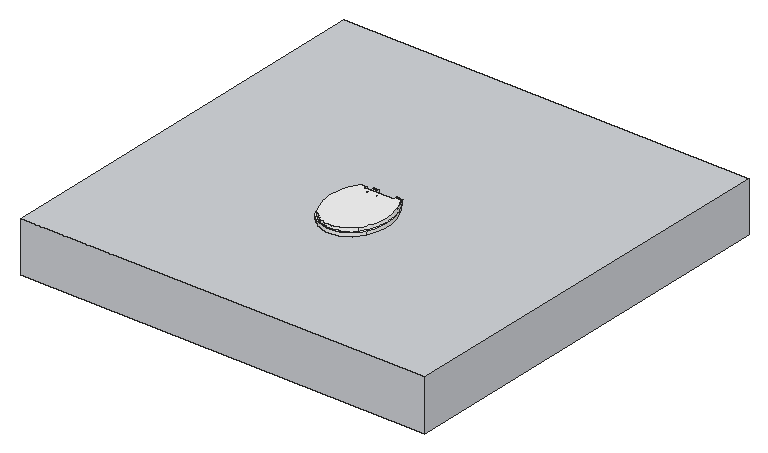
Revit family (continued)
Automatic sketch dimensions
  plane 61 to Blend 2 sketch curve = 0' - 0.01203"
  Blend 2 sketch curve to Blend 2 sketch curve = 0' - 0.01512"
  Blend 2 sketch curve to Blend 2 sketch curve = 0' - 2.58372"
  Blend 2 sketch curve to plane 12 = 0' - 1.81409"
  Blend 2 sketch curve to plane 46 = 0' - 1.46368"
  plane 52 to Blend 2 sketch curve = 0' - 0.22128"
  Blend 2 sketch curve to plane 52 = 0' - 0.05063"  (x2)
  Blend 2 sketch curve to Blend 2 sketch curve = 0' - 0.33375"
  Blend 2 sketch curve to plane 46 = 0' - 0.84085"
  Blend 2 sketch curve to plane 46 = 0' - 0.41475"
  Blend 2 sketch curve to plane 46 = 0' - 0.03817"
  Blend 2 sketch curve to plane 3 "Center (Left/Right)" = 0' - 0.00944"
  plane 49 to Blend 2 sketch curve = 0' - 0.03402"
  plane 49 to Blend 2 sketch curve = 0' - 0.39371"
  plane 49 to Blend 2 sketch curve = 0' - 0.82177"
  plane 49 to Blend 2 sketch curve = 0' - 1.10888"
  plane 52 to Blend 2 sketch curve = 0' - 0.2252"
  Blend 2 sketch curve to Blend 2 sketch curve = 0' - 0.33856"
  plane 49 to Blend 2 sketch curve = 0' - 1.45442"
  plane 52 to Blend 2 sketch curve = 0' - 0.46185"
  Blend 2 sketch curve to plane 12 = 0' - 1.8355"  (x2)
  Blend 2 sketch curve to Blend 2 sketch curve = 0' - 2.5326"
  Blend 2 sketch curve to Blend 2 sketch curve = 0' - 2.53288"
  Blend 2 sketch curve to plane 52 = 0' - 0.09742"
  plane 4 "Left" to Extrusion 4 sketch curve = 0' - 1.10041"  (x2)
  Extrusion 4 sketch curve to plane 46 = 0' - 0.52256"
  plane 3 "Center (Left/Right)" to Extrusion 4 sketch curve = 0' - 0.00003"
  plane 49 to Extrusion 4 sketch curve = 0' - 0.52044"
  plane 5 "Right" to Extrusion 4 sketch curve = 0' - 1.10041"
  plane 5 "Right" to Extrusion 4 sketch curve = 0' - 1.08036"
  Extrusion 4 sketch curve to plane 12 = 0' - 4.80779"
  Extrusion 4 sketch curve to Extrusion 4 sketch curve = 0' - 4.7661"
  Masking region 6 sketch curve to plane 52 = 0' - 0.17711"
  curve 44 to plane 8 = 0' - 0"
  curve 30 to plane 9 = 0' - 0"
  curve 37 to level = 0' - 0"
  curve 31 to plane 47 = 0' - 0"
  curve 36 to level = 0' - 0"
  curve 24 to level = 0' - 0"
  curve 30 to plane 48 = 0' - 0"
  curve 23 to plane 49 = 0' - 0"
  curve 22 to plane 49 = 0' - 0"
  curve 10 to plane 8 = 0' - 0"
  curve 19 to level = 0' - 0"
  plane 46 to curve 43 = 0' - 0.29378"
  plane 46 to curve 41 = 0' - 0.21525"
  curve 32 to plane 46 = 0' - 0.00023"
  level to curve 40 = 0' - 0.32345"
  curve 40 to plane 46 = 0' - 0.88271"
  plane 9 to curve 39 = 0' - 0.15706"
  curve 39 to curve 40 = 0' - 0.30401"
  curve 41 to curve 39 = 0' - 0.09702"
  curve 42 to curve 40 = 0' - 0.10401"
  curve 42 to plane 10 = 0' - 0.14663"
  curve 42 to curve 40 = 0' - 0.23092"
  curve 42 to curve 38 = 0' - 0.07559"
  curve 42 to curve 42 = 0' - 0.07146"
  curve 40 to curve 42 = 0' - 0.21593"
  curve 43 to curve 43 = 0' - 0.20375"
  curve 43 to plane 8 = 0' - 0.04517"
  curve 43 to curve 43 = 0' - 0.29366"
  curve 44 to curve 44 = 0' - 0.05435"
  curve 41 to level = 0' - 0.00092"
  curve 44 to plane 9 = 0' - 0.01773"
  curve 44 to curve 44 = 0' - 0.57198"
  curve 41 to curve 41 = 0' - 0.44899"
  plane 11 to curve 29 = 5' - 7.41231"
  curve 29 to plane 4 "Left" = 17' - 5.68758"
  curve 29 to plane 3 "Center (Left/Right)" = 0' - 0"
  curve 16 to plane 49 = 0' - 0.36362"
  curve 11 to plane 49 = 0' - 0.11366"
  level to curve 17 = 0' - 0.3177"
  plane 9 to curve 18 = 0' - 0.15706"
  curve 17 to curve 18 = 0' - 0.30411"
  curve 15 to plane 8 = 0' - 0.13527"
  curve 18 to curve 15 = 0' - 0.09541"
  curve 16 to curve 17 = 0' - 0"
  curve 15 to curve 13 = 0' - 0.02142"
  curve 13 to curve 13 = 0' - 0.10337"
  curve 13 to curve 12 = 0' - 0.01071"
  curve 13 to plane 8 = 0' - 0.10221"
  curve 15 to curve 13 = 0' - 0.15009"
  curve 17 to curve 12 = 0' - 0.15494"
  curve 12 to curve 12 = 0' - 0.05198"
  curve 12 to curve 12 = 0' - 0.09508"
  curve 12 to curve 17 = 0' - 0.16657"
  curve 12 to curve 11 = 0' - 0.11683"
  curve 11 to plane 8 = 0' - 0.04517"
  curve 11 to curve 11 = 0' - 0.38058"
  curve 11 to curve 10 = 0' - 0.05258"
  plane 9 to curve 14 = 0' - 0.14644"
  curve 10 to curve 14 = 0' - 0.2195"
  plane 11 to curve 14 = 0' - 0.56055"
  curve 16 to level = 0' - 0.0009"
  curve 14 to curve 16 = 0' - 0.2328"
  curve 10 to plane 9 = 0' - 0.01191"
  curve 14 to curve 10 = 0' - 0.33328"
  curve 16 to curve 16 = 0' - 0.4528"
  level to curve 41 = 0' - 0.10013"
  level to curve 16 = 0' - 0.1026"
  curve 31 to curve 39 = 0' - 0.21265"
  curve 20 to curve 25 = 0' - 0.11334"
  curve 12 to curve 16 = 0' - 0.06981"
  curve 42 to curve 41 = 0' - 0.06441"
  curve 36 to plane 9 = 0' - 0.03668"
  curve 19 to plane 9 = 0' - 0.03668"
  curve 22 to plane 8 = 0' - 0.14852"
  curve 2 to plane 9 = 0' - 0"
  curve 1 to plane 8 = 0' - 0"
  curve 2 to plane 4 "Left" = 0' - 0"
  plane 4 "Left" to curve 1 = 0' - 0.12475"
  plane 4 "Left" to curve 3 = 0' - 0.30384"
  curve 4 to curve 3 = 0' - 0.09409"
  curve 7 to plane 7 "Top" = 0' - 0.18291"
  plane 10 to curve 3 = 0' - 0.08255"
  curve 3 to curve 7 = 0' - 0.1722"
  curve 6 to plane 7 "Top" = 0' - 0.18972"
  curve 6 to curve 3 = 0' - 0.37482"
  curve 5 to curve 6 = 0' - 0.16042"
  plane 10 to curve 5 = 0' - 0.02034"
  curve 5 to plane 47 = 0' - 0.18232"
  curve 5 to plane 3 "Center (Left/Right)" = 0' - 0"
  plane 10 to curve 6 = 0' - 0.02044"
  plane 48 to curve 6 = 0' - 0.23277"
  curve 4 to plane 7 "Top" = 0' - 0.18971"
  plane 49 to curve 4 = 0' - 1.23101"
  plane 10 to curve 6 = 0' - 0.08246"
  curve 6 to curve 4 = 0' - 0.373"
  curve 3 to curve 7 = 0' - 0.17403"
  curve 7 to curve 6 = 0' - 0.09409"
  plane 5 "Right" to curve 1 = 0' - 0.12475"
  curve 2 to plane 5 "Right" = 0' - 0.01378"
  curve 3 to plane 7 "Top" = 0' - 0.18289"
Types (11): name | Finish
  (no name) | Plastic-Kohler-0-White
  Plastic-White-0 | Plastic-Kohler-0-White
  Plastic-Black_Black-7 | Plastic-Kohler-7-Black Black
  Plastic-Mexican_Sand-33 | Plastic-Kohler-33-Mexican Sand
  Plastic-Almond-47 | Plastic-Kohler-47-Almond
  Plastic-Innocent_Blush-55 | Plastic-Kohler-55-Innocent Blush
  Plastic-Thunder_Grey-58 | Plastic-Kohler-58-Thunder Grey
  Plastic-Ice_Grey-95 | Plastic-Kohler-95-Ice Grey
  Plastic-Biscuit-96 | Plastic-Kohler-96-Biscuit
  Plastic-Sandbar-G9 | Plastic-Kohler-G9-Sandbar
  Plastic-Cashmere-K4 | Plastic-Kohler-K4-Cashmere
